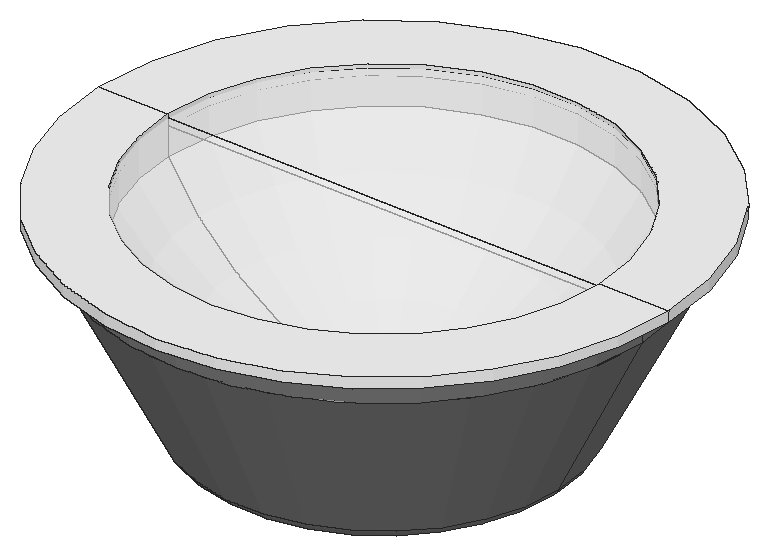
Revit family "30516", category Lighting Fixtures, host Face, Revit 2018
Family settings
  Host = Face
  Round Connector Dimension = Use Diameter
  Part Type = Normal
  OmniClass Number = 23.80.70.00
  OmniClass Title = Lighting
  Cut with Voids When Loaded = No
  Light Source = Yes
  Shared = No
  Room Calculation Point = No
Parameters (values of type "0030516 INSAVER SLIM UGR19 220 2350LM 830 SM")
  WidthBezel_SYL = if(Size1_SYL, 20 mm, if(Size2_SYL, 20 mm, if(Size3PIR_SYL, 30 mm, if(Size4_SYL, 20 mm, 20 mm))))  # 20 mm
  Weight = "n/a"
  Wattage Comments = ""
  Wattage = 9 W
  WarrantyStartDate [instance] = "n/a"
  WarrantyGuarantorParts = "n/a"
  WarrantyDurationUnit = "n/a"
  WarrantyDurationParts = ""
  WarrantyDescription = "http://www.sylvania-lighting.com"
  built-in parameter 1150110 = 1 (stored number, unit not read)
  Voltage = 230 V
  VisibilityPIR_SYL = Size3PIR_SYL  # no
  URL = "0.9"
  TypeName = "Insaver Slim UGR19 220 2350lm 830 Surface Mounted"
  Type Image = <None>
  Type Comments = "n/a"
  built-in parameter 1114217 = 1 (stored number, unit not read)
  Tilt Angle = -90.00°
  built-in parameter 1150109 = 1 (stored number, unit not read)
  built-in parameter 1150134 = (empty or 0)
  built-in parameter 1150113 = 1 (stored number, unit not read)
  Size4_SYL = no
  Size3PIR_SYL = no
  Size2_SYL = no
  Size1_SYL = yes
  SerialNumber [instance] = "n/a"
  RadiusTop_SYL = 6 mm
  RadiusReflector_SYL = if(Size1_SYL, 85 mm, if(Size2_SYL, 85 mm, if(Size3PIR_SYL, 85 mm, if(Size4_SYL, 100 mm, 120 mm))))  # 85 mm
  Photometric Web File = "0030516.IES"
  Material_3_FEILO = Top-Sylvania-STARTDownlight
  PowerFactor = 0.9
  PowerConsumption = "Lighting"
  NominalLength = 165 mm
  NominalHeight = 50 mm
  NominalDepth = 165 mm
  Name = "Insaver Slim UGR19 220 2350lm 830 Surface Mounted"
  ModelReference = Name  # "Insaver Slim UGR19 220 2350lm 830 Surface Mounted"
  ModelNumber = "0030516"
  Model = Name  # "Insaver Slim UGR19 220 2350lm 830 Surface Mounted"
  Material = "Feilo Sylvania"
  ManufacturerName = "118 lm/W"
  Manufacturer = ""
  LuminousEfficacy = ""
  built-in parameter 1150105 = 83.795 (stored number, unit not read)
  Lumens = 1053 lm
  LuminaireType = "0"
  built-in parameter 1150115 = 1 (stored number, unit not read)
  LightOutputRatio = "LED"
  built-in parameter 1150137 = (empty or 0)
  built-in parameter 1150139 = (empty or 0)
  LampsType = Lamp  # "n/a"
  LampNominalLuminous = "3000 K"
  LampMacAdamStep = "80"
  LampColourTemperature = "LED"
  LampColourRenderingIndex = "16500"
  built-in parameter 1150112 = 1 (stored number, unit not read)
  built-in parameter 1150114 = 1 (stored number, unit not read)
  Lamp = "n/a"
  Keynote = "n/a"
  InstallationDate [instance] = "n/a"
  InputVoltage = "0"
  InputNominalFrequency = "3000"
  built-in parameter 1150132 = (empty or 0)
  built-in parameter 1150102 = (empty or 0)
  built-in parameter 1150107 = 3000 (stored number, unit not read)
  built-in parameter 1150138 = (empty or 0)
  IngressProtection = "IfcLightFixtureType"
  ImpactProtectionIndex = "IfcLightFixtureType"
  built-in parameter 1150106 = 0.83795 (stored number, unit not read)
  IfcExportType = "IfcLightFixtureType"
  IfcExportAs = "Class II"
  Height_SYL = if(Size1_SYL, 61 mm, if(Size2_SYL, 61 mm, if(Size3PIR_SYL, 61 mm, if(Size4_SYL, 61 mm, 60 mm))))  # 61 mm
  HeightBezel_SYL = if(Size1_SYL, 3 mm, if(Size2_SYL, 3 mm, if(Size3PIR_SYL, 3 mm, if(Size4_SYL, 3.2 mm, 3 mm))))  # 3 mm
  ExpectedLife = 50000
  Emit from Circle Diameter = Diameter_SYL - 40 mm  # 125 mm
  Emit Shape Visible in Rendering = no
  ElectricShockClassification = "118"
  built-in parameter 1150104 = 10.87 (stored number, unit not read)
  DurationUnit = "hours"
  DocumentationLiterature = "http://www.sylvania-lighting.com/product/en-int/products/0030516"
  DimmingControlOptions = "n/a"
  Material_2_FEILO = Diffuser-Sylvania-STARTDownlight
  Dimming Lamp Color Temperature Shift = <None>
  Diameter_SYL = if(Size1_SYL, 165 mm, if(Size2_SYL, 190 mm, if(Size3PIR_SYL, 211 mm, if(Size4_SYL, 220 mm, 240 mm))))  # 165 mm
  DiameterTop_SYL = if(Size1_SYL, 98 mm, if(Size2_SYL, 122 mm, if(Size3PIR_SYL, 120 mm, if(Size4_SYL, 135 mm, 158 mm))))  # 98 mm
  DiameterTopBase_SYL = DiameterRecess_SYL  # 150 mm
  DiameterRecess_SYL = if(Size1_SYL, 150 mm, if(Size2_SYL, 170 mm, if(Size3PIR_SYL, 186 mm, if(Size4_SYL, 200 mm, 225 mm))))  # 150 mm
  Description = "Insaver Slim is a surface mounted LED downlight ,Die-cast aluminium body, loop in loop out connector for quick installation, Non dimmable LED driver, 20W; 2350lm; 118lm/W; 3000K; UGR <19 with height of 95 mm. Meets TP(a) requirements."
  Default Elevation = 1219.2 mm
  CreatedOn = "05/03/2024"
  CreatedBy = "@sylvania-lighting.com"
  Cost = 0
  Color Filter = 16777215
  built-in parameter 1114216 [instance] = (empty or 0)
  ClassificationValue = "EF_70_80"
  ClassificationName = "Uniclass2015"
  Material_1_FEILO = Trim-Sylvania-STARTDownlight-White
  BarCode [instance] = "n/a"
  built-in parameter 1114218 = 1 (stored number, unit not read)
  built-in parameter 1150133 = 10 (stored number, unit not read)
  AssetType = "Fixed"
  AssetIdentifier [instance] = "n/a"
  Assembly Code = "D5020200"
  Apparent Load = 20 VA
  Material_4_FEILO = LED-Sylvania-STARTDownlight
Reference planes
  plane 1 "Center (Front/Back)": y = 0
  plane 2: z = 0
  plane 3 "Center (Left/Right)": x = 0
  plane 4: x = 82.5
  plane 5: x = -82.5
  plane 6: z = 3
  plane 7: z = -8
  plane 8: z = -58
  plane 9: x = -75
  plane 10: x = 75
  plane 11: x = -49
  plane 12: x = 49
  plane 13: z = -85
  plane 14: x = -62.5
  plane 15: z = 2
  plane 16: z = -46
  plane 17: x = -16
  plane 18: x = -67.5
  plane 19: x = -81.5
  plane 20: x = -99.5
  plane 21: x = -76.5
  plane 22: z = 5.5
  plane 23: z = 8.7
  plane 24: x = -75.5
  plane 25: z = 13.7
Forms (mm)
  Revolve 1, void
    sketch origin (0, 0, 0) x (1, 0, 0) y (0, 0, 1)
      loop
        line (0, 0) -> (-75, 0) -> (-75, -85) -> (0, -85) -> (0, 0)
      axis (0, 0) -> (0, -85)
    angle from 360 to 0
  Revolve 2, solid, material "Trim-Sylvania-STARTDownlight-White" <- "Material_1_FEILO"
    sketch origin (0, 0, 0) x (1, 0, 0) y (0, 0, 1)
      loop
        line (-62.5, 3) -> (-82.5, 3) -> (-82.5, 0) -> (-75, 0) -> (-75, -8) -> (-50.681, -54.768)
        arc (-50.681, -54.768) -> (-48.471, -57.129) -> (-45.357, -58) r 6
        line (-45.357, -58) -> (0, -58) -> (0, -46) -> (-16, -46)
        arc (-16, -46) -> (-42.718, -31.243) -> (-62.5, -8) r 85
        line (-62.5, -8) -> (-62.5, 3)
      axis (0, 3) -> (0, -58)
    angle from 360 to 0
  Revolve 3, solid, material "Diffuser-Sylvania-STARTDownlight" <- "Material_2_FEILO"
    sketch origin (0, 0, 0) x (1, 0, 0) y (0, 0, 1)
      loop
        line (-62.5, 0) -> (0, 0) -> (0, 2) -> (-62.5, 2) -> (-62.5, 0)
      axis (0, 2) -> (0, 0)
    angle from 360 to 0
  Revolve 4, solid, material "Trim-Sylvania-STARTDownlight-White" <- "Material_1_FEILO", visible <- "VisibilityPIR_SYL"
    sketch origin (0, 0, 0) x (1, 0, 0) y (0, 0, 1)
      loop
        line (-67.5, 3) -> (-67.5, 13.7)
        arc (-67.5, 13.7) -> (-72.217, 12.347) -> (-75.5, 8.7) r 8.9
        line (-75.5, 8.7) -> (-75.5, 5.5) -> (-76.5, 5.5) -> (-76.5, 3) -> (-67.5, 3)
      axis (-67.5, 13.7) -> (-67.5, 3)
    angle from 360 to 0
Dimensions and locks
  equal spacing: plane 4, plane 3 "Center (Left/Right)", plane 5
  "Diameter_SYL": plane 4 to plane 5
  equal spacing: plane 10, plane 3 "Center (Left/Right)", plane 9
  equal spacing: plane 12, plane 3 "Center (Left/Right)", plane 11
  "DiameterTop_SYL": plane 12 to plane 11
  "HeightBezel_SYL": plane 6 to plane 2
  "Height_SYL": plane 6 to plane 8
  locked: plane 2 to plane 7 at 8
  locked: plane 2 to plane 13 at 85
  "WidthBezel_SYL": plane 14 to plane 5
  locked: plane 6 to plane 15 at 1
  "DiameterRecess_SYL": plane 10 to plane 9
  locked: plane 3 "Center (Left/Right)" to plane 17 at 16
  locked: plane 16 to plane 8 at 12
  locked: plane 18 to plane 21 at 9
  locked: plane 22 to plane 6 at 2.5
  locked: plane 23 to plane 22 at 3.2
  locked: plane 18 to plane 24 at 8
  locked: plane 25 to plane 23 at 5
  locked: plane 25 to Revolve 4 sketch curve at 8.9
  locked: plane 18 to plane 5 at 15
  "RadiusReflector_SYL": radius of Revolve 2 sketch curve
  "RadiusTop_SYL": radius of Revolve 2 sketch curve
  aligned and locked: plane 2 to host face
  aligned and locked: level to host face
  aligned and locked: Revolve 1 sketch curve to plane 3 "Center (Left/Right)"
  aligned and locked: plane 3 "Center (Left/Right)" to Revolve 1 sketch curve
  aligned and locked: Revolve 1 sketch curve to plane 9
  aligned and locked: plane 13 to Revolve 1 sketch curve
  aligned and locked: plane 3 "Center (Left/Right)" to imposter light
  aligned and locked: imposter light to plane 15
  aligned and locked: imposter light to plane 1 "Center (Front/Back)"
  aligned and locked: Revolve 2 sketch curve to plane 3 "Center (Left/Right)"
  aligned and locked: Revolve 2 sketch curve to plane 6
  aligned and locked: Revolve 2 sketch curve to plane 5
  aligned and locked: Revolve 2 sketch curve to level
  aligned and locked: plane 7 to Revolve 2 sketch curve  (x2)
  aligned and locked: Revolve 2 sketch curve to plane 9
  aligned and locked: plane 8 to Revolve 2 sketch curve
  aligned and locked: Revolve 2 sketch curve to plane 14
  aligned and locked: plane 3 "Center (Left/Right)" to Revolve 2 sketch curve
  aligned and locked: Revolve 2 sketch curve to plane 16
  aligned and locked: Revolve 3 sketch curve to plane 3 "Center (Left/Right)"
  aligned and locked: Revolve 3 sketch curve to level
  aligned and locked: imposter light to Revolve 3 sketch curve  (x2)
  aligned and locked: Revolve 4 sketch curve to plane 18  (x2)
  aligned and locked: Revolve 4 sketch curve to plane 6
  aligned and locked: plane 22 to Revolve 4 sketch curve
  aligned and locked: plane 24 to Revolve 4 sketch curve
  aligned and locked: Revolve 4 sketch curve to Revolve 4 sketch curve
  aligned and locked: plane 21 to Revolve 4 sketch curve
Automatic sketch dimensions
  host sketch curve to host sketch curve = 2438.4 mm  (x2)
  plane 13 to Revolve 1 sketch curve = 524.6 mm
  Revolve 1 sketch curve to plane 6 = 2606.058 mm
  Revolve 1 sketch curve to level = 0 mm
  Revolve 2 sketch curve to plane 17 = 0 mm
  Revolve 2 sketch curve to plane 11 = 1.681 mm
  plane 11 to Revolve 2 sketch curve = 3.643 mm
  plane 13 to Revolve 2 sketch curve = 524.6 mm
  Revolve 2 sketch curve to Revolve 2 sketch curve = 2577.983 mm
  Revolve 3 sketch curve to plane 14 = 0 mm
  plane 13 to Revolve 3 sketch curve = 524.6 mm
  Revolve 3 sketch curve to plane 6 = 2606.058 mm
  Revolve 4 sketch curve to plane 23 = 0 mm
  plane 13 to Revolve 4 sketch curve = 524.6 mm
  Revolve 4 sketch curve to Revolve 4 sketch curve = 2595.358 mm
Connectors
  electrical at (0, 0, 0), driven by "Apparent Load", driven by "PowerFactor", driven by "Voltage"
    settings: index 1, voltage 230 V, apparent load 20 VA, apparent load phase1 0 VA, apparent load phase2 0 VA, apparent load phase3 0 VA, power factor 0.9, load classification "Lighting", number of poles 1, system type 30, power factor state 1, is connector primary yes, connector utility no, sub classification motor no, connector description ""
